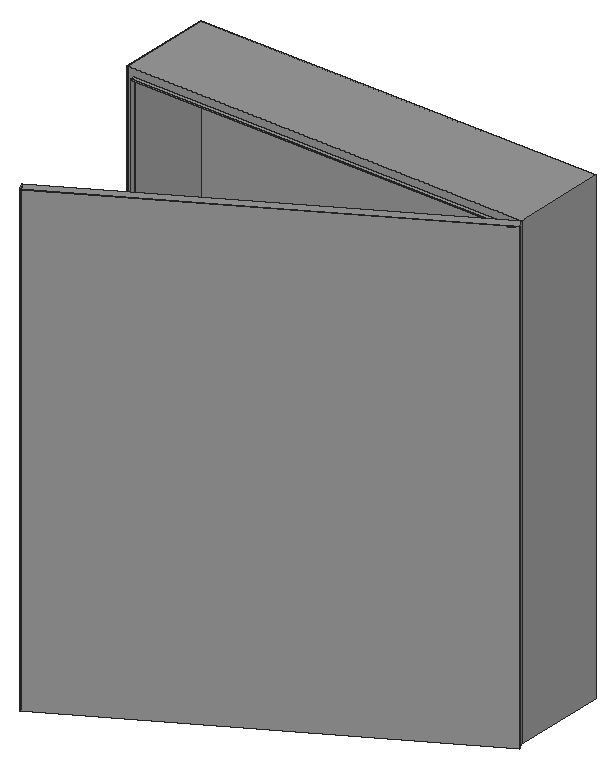
Revit family "Hager-Univers-IP44-D205-H950-Cl.II-Encl-NoHosted-PT-pt", category Electrical Equipment, Revit 2020
Family settings
  Panel Configuration = Two Columns, Circuits Across
  Round Connector Dimension = Use Diameter
  Part Type = Panelboard
  Work Plane-Based = Yes
  Always vertical = Yes
  Cut with Voids When Loaded = No
  Shared = No
  Room Calculation Point = No
Parameters (values of type "Montagem em superfície (gesso) IP44 L800 A950 P205  - FP63SN2")
  Width Control [instance] = if([EF000008 - Largura] > Min Width, [EF000008 - Largura], Min Width)  # 800 mm
  Type Comments = [HG000003 - Gama]  # "Univers"
  Thickness Door [instance] = if([EF009171 - Espessura do material da porta/tampa] > 3 mm, 3 mm, [EF009171 - Espessura do material da porta/tampa])  # 1 mm
  Seal Frame Offset [instance] = 17 mm  # constant formula
  Plinth Visibility [instance] = [HG000027 - Altura da Plinta] > 0 mm  # no
  Min Width [instance] = 100 mm  # constant formula
  Min Depth [instance] = (2 * [EF009170 - Espessura do material do invólucro]) + 1 mm  # 3 mm
  Min Height [instance] = 100 mm  # constant formula
  Internal Frame Depth [instance] = (Door System Depth * 0.5)  # 9 mm
  Panel Name [instance] = ""  # (empty or 0)
  Model = ""
  HG000027 - Altura da Plinta = 0 mm
  HG000026 - Instalação no chão = no
  HG000024 - Altura da secção inferior = 600 mm
  HG000023 - Recinto de secção dupla = no
  HG000016 - Visibilidade da porta 3D [instance] = yes
  HG000015 - Visibilidade através da porta [instance] = no
  HG000014 - Porta à direita [instance] = yes
  HG000013 - Porta à esquerda [instance] = not([HG000014 - Porta à direita])  # no
  HG000012 - Ângulo de abertura de porta [instance] = 30.00°
  HG000010 - Portas assimétricas = no
  HG000009 - Porta dupla = no
  HG000006 - Encastrado = no
  HG000004 - Referência do Fabricante = "FP63SN2"
  HG000003 - Gama = "Univers"
  HG000002 - Com porta ou tampa = yes
  Frame Offset Bottom [instance] = 10 mm  # constant formula
  Frame Offset [instance] = 15 mm  # constant formula
  EF015940 - Tampa com libertação de sobrepressão = no
  EF011959 - Grau de proteção (NEMA) = ""
  EF009554 - Número de aberturas para placas de flange = 6
  EF009212 - Tipo de tampa = "EV000116 - Fechado"
  EF009171 - Espessura do material da porta/tampa = 1 mm
  EF009170 - Espessura do material do invólucro = 1 mm
  EF008873 - Corrente nominal (In) = 250 A
  EF007800 - Adequado para proteção contra raios = no
  EF006306 - Com fecho = no
  EF006244 - Tampa/porta transparente = no
  EF005474 - Grau de proteção (IP) = "EV006418 - IP44"
  EF004464 - Tipo de porta = "EV002646 - Único"
  EF004427 - Número de módulos = 216
  EF004293 - Força de impacto = "EV006815 - IK09"
  EF003532 - Adequado para uso no exterior = no
  EF002950 - Largura em número de módulos = 36
  EF001613 - Integridade do circuito = "EV000494 - Nenhum"
  EF001596 - Material do corpo = "EV000179 - Aço"
  EF001131 - Profundidade interior = 130 mm
  EF001088 - Extensão possível = yes
  EF000437 - Número de entradas de condutores = 6
  EF000339 - Tipo de difusor = "EV004216 - Porta"
  EF000266 - Número de linhas = 6
  EF000218 - Profundidade incorporada = 205 mm
  EF000118 - Com tampa de montagem = no
  EF000116 - Número RAL = "9010"
  EF000049 - Profundidade = 205 mm
  EF000040 - Altura = 950 mm
  EF000008 - Largura = 800 mm
  EF000007 - Cor = "EV000202 - Branco"
  EF000003 - Método de montagem = "EV000384 - Montagem em superfície (gesso)"
  Door System Leaf Tolerance [instance] = 1.5 mm  # constant formula
  Door System Depth [instance] = 18 mm  # constant formula
  Door Height [instance] = Height Control - [HG000027 - Altura da Plinta]  # 950 mm
  Description = ""
  Default Elevation = 1219.2 mm
  Connector Offset [instance] = Height Control / 2  # 475 mm
  Manufacturer = "Hager"  # constant formula
  Height Control [instance] = if([EF000040 - Altura] > Min Height, [EF000040 - Altura], Min Height)  # 950 mm
  Depth Control [instance] = if([EF000049 - Profundidade] > Min Depth, [EF000049 - Profundidade], Min Depth)  # 205 mm
  Bottom Top Plate Trim [instance] = 1.5 mm  # constant formula
  Plinth height Ctrl [instance] = if([HG000027 - Altura da Plinta] > 0 mm, [HG000027 - Altura da Plinta], 12 mm)  # 12 mm
Types (5, lengths in mm): name | Width Control | HG000010 - Portas assimétricas | HG000009 - Porta dupla | HG000004 - Referência do Fabricante | EF009554 - Número de aberturas para placas de flange | EF004464 - Tipo de porta | EF004427 - Número de módulos | EF002950 - Largura em número de módulos | EF001131 - Profundidade interior | EF000437 - Número de entradas de condutores | EF000339 - Tipo de difusor | EF000008 - Largura
  Montagem em superfície (gesso) IP44 L1050 A950 P205  - FP64SN2 | 1050 | no | yes | "FP64SN2" | 8 | "EV003602 - Duplo" | 288 | 48 | 130 | 8 | "EV004216 - Porta" | 1050
  Montagem em superfície (gesso) IP44 L1300 A950 P205  - FP65SN2 | 1300 | yes | yes | "FP65SN2" | 10 | "EV003602 - Duplo" | 360 | 60 | 130 | 10 | "EV004216 - Porta" | 1300
  Montagem em superfície (gesso) IP44 L300 A950 P205  - FP61SN2 | 300 | no | no | "FP61SN2" | 2 | "EV002646 - Único" | 72 | 12 | 143 | 2 | "EV001012 - Tampa" | 300
  Montagem em superfície (gesso) IP44 L550 A950 P205  - FP62SN2 | 550 | no | no | "FP62SN2" | 4 | "EV002646 - Único" | 144 | 24 | 143 | 4 | "EV001012 - Tampa" | 550
  Montagem em superfície (gesso) IP44 L800 A950 P205  - FP63SN2 | 800 | no | no | "FP63SN2" | 6 | "EV002646 - Único" | 216 | 36 | 130 | 6 | "EV004216 - Porta" | 800
Reference planes
  plane 1 "Center (Front/Back)": y = 0
  plane 2: z = 0
  plane 3 "Center (Left/Right)": x = 0
  plane 4: y = 0
  plane 5: y = 0
  plane 6: z = 0
  plane 7: x = -400
  plane 8: x = 400
  plane 9: x = 399
  plane 10: x = -399
  plane 11: z = 0
  plane 12: z = 1
  plane 13: y = -205
  plane 14: y = -1
  plane 15: x = 0
  plane 16: y = -187
  plane 17: y = -204
  plane 18: y = -186
  plane 19: x = -384
  plane 20: x = 384
  plane 21: z = 11
  plane 22: x = -383
  plane 23: x = 383
  plane 24: z = 0
  plane 25: z = 950
  plane 26: z = 950
  plane 27: z = 934
  plane 28: z = 949
Forms (mm)
  Extrusion 1, solid, material "Hager_Steel_RAL7035_Light_Grey", detail levels medium+fine
    sketch origin (-208.679, -4572, 0) x (-1, 0, 0) y (0, -1, 0)
      loop
        line (191.321, -4385) -> (-608.679, -4385) -> (-608.679, -4572) -> (191.321, -4572) -> (191.321, -4385)
    from 0 to 950
  Extrusion 2, void
    sketch origin (-350.771, -205, 1219.2) x (1, 0, 0) y (0, 0, 1)
      loop
        line (-48.229, -270.2) -> (-48.229, -1218.2) -> (749.771, -1218.2) -> (749.771, -270.2) -> (-48.229, -270.2)
    from -19 to -204
  Extrusion 3, void
    sketch origin (-290.084, -187, 1219.2) x (1, 0, 0) y (0, 0, 1)
      loop
        line (-93.916, -1208.2) -> (674.084, -1208.2) -> (674.084, -285.2) -> (-93.916, -285.2) -> (-93.916, -1208.2)
    from 0 to -1
  Extrusion 4, solid, material "Hager_Steel_RAL7035_Light_Grey", visible <- "Plinth Visibility", detail levels medium+fine
    sketch origin (0, 0, 0) x (1, 0, 0) y (0, 1, 0)
      loop
        line (-400, 0) -> (-400, -187) -> (400, -187) -> (400, 0) -> (-400, 0)
    from 0 to 12 <- "Plinth height Ctrl"
  Extrusion 5, solid, material "Hager_Steel_RAL7035_Light_Grey", detail levels coarse
    sketch origin (0, 0, 0) x (1, 0, 0) y (0, 1, 0)
      loop
        line (-400, 0) -> (-400, -205) -> (400, -205) -> (400, 0) -> (-400, 0)
    from 0 to 950 <- "Height Control"
  Sweep 6, void
    path in 3D
      loop
        line (-400, -187, 12) -> (400, -187, 12) -> (400, 0, 12) -> (-400, 0, 12) -> (-400, -187, 12)
    profile origin (-400, -93.5, 12) x (1, 0, 0) y (0, 0, 1)
      loop
        line (0, 0) -> (0, -1.5) -> (1.5, -1.5)
        arc (1.5, -1.5) -> (1.061, -0.439) -> (0, 0) r 1.5
  Extrusion 7, solid, material "Hager_Steel_RAL7035_Light_Grey", detail levels fine
    sketch origin (-400, -187, 0) x (1, 0, 0) y (0, 0, 1)
      loop
        line (16, 11) -> (784, 11) -> (784, 934) -> (16, 934) -> (16, 11)
      loop
        line (15, 10) -> (785, 10) -> (785, 935) -> (15, 935) -> (15, 10)
    from 0 to 9 <- "Internal Frame Depth"
Cuts and joins
  Extrusion 2, Extrusion 3 cuts Extrusion 1
  Sweep 6 cuts Extrusion 4
Lines and regions (mm)
  Masking region 1
    outline origin (0, 0, 0) x (1, 0, 0) y (0, 1, 0)
      loop
        line (-400, 0) -> (-400, -205) -> (400, -205) -> (400, 0) -> (-400, 0)
  Masking region 2, detail levels coarse
    outline origin (-290.084, -187, 1219.2) x (-1, 0, 0) y (0, 0, 1)
      loop
        line (-690.084, -1219.2) -> (109.916, -1219.2) -> (109.916, -269.2) -> (-690.084, -269.2) -> (-690.084, -1219.2)
  Masking region 3, detail levels coarse
    outline origin (0, 0, 0) x (0, 1, 0) y (0, 0, 1)
      loop
        line (0, 0) -> (0, 950) -> (-205, 950) -> (-205, 0) -> (0, 0)
  Masking region 4, visible <- "Plinth Visibility", detail levels medium+fine
    outline origin (0, 0, 0) x (0, 1, 0) y (0, 0, 1)
      loop
        line (-1.5, 12) -> (-185.5, 12)
        arc (-185.5, 12) -> (-185.939, 10.939) -> (-187, 10.5) r 1.5
        line (-187, 10.5) -> (-187, 0) -> (0, 0) -> (0, 10.5)
        arc (0, 10.5) -> (-1.061, 10.939) -> (-1.5, 12) r 1.5
  Masking region 5, detail levels medium+fine
    outline origin (0, 0, 594.038) x (0, 1, 0) y (0, 0, 1)
      loop
        line (0, -594.038) -> (0, 355.962) -> (-187, 355.962) -> (-187, -594.038) -> (0, -594.038)
  Masking region 6, detail levels medium+fine
    outline origin (-359.7, -187, 1211.883) x (-1, 0, 0) y (0, 0, 1)
      loop
        line (-759.7, -1211.883) -> (40.3, -1211.883) -> (40.3, -261.883) -> (-759.7, -261.883) -> (-759.7, -1211.883)
  Masking region 7, visible <- "Plinth Visibility", detail levels medium+fine
    outline origin (-320.334, -187, 1041.368) x (-1, 0, 0) y (0, 0, 1)
      loop
        line (-720.334, -1041.368) -> (79.666, -1041.368) -> (79.666, -1030.868)
        arc (79.666, -1030.868) -> (78.606, -1030.429) -> (78.166, -1029.368) r 1.5
        line (78.166, -1029.368) -> (-718.834, -1029.368)
        arc (-718.834, -1029.368) -> (-719.273, -1030.429) -> (-720.334, -1030.868) r 1.5
        line (-720.334, -1030.868) -> (-720.334, -1041.368)
  sketch lines
    curve 1: line (-400, 0, 12) -> (-400, -187, 12)
    curve 2: line (-400, -187, 12) -> (400, -187, 12)
    curve 3: line (400, 0, 12) -> (-400, 0, 12)
    curve 4: line (400, -187, 12) -> (400, 0, 12)
Dimensions and locks
  locked: plane 1 "Center (Front/Back)" to plane 5
  "EF009170 - Espessura do material do invólucro": plane 7 to plane 10
  "EF009170 - Espessura do material do invólucro": plane 8 to plane 9
  equal spacing: plane 7, plane 3 "Center (Left/Right)", plane 8
  "Width Control": plane 7 to plane 8
  "Depth Control": plane 4 to plane 13
  "EF009170 - Espessura do material do invólucro": plane 4 to plane 14
  "Height Control": plane 25 to level
  "HG000027 - Altura da Plinta": plane 11 to level
  "EF009170 - Espessura do material do invólucro": plane 12 to plane 11
  "EF009170 - Espessura do material do invólucro": plane 17 to plane 13
  "EF009170 - Espessura do material do invólucro": plane 18 to plane 16
  "Frame Offset Bottom": plane 21 to plane 12
  "Frame Offset": plane 10 to plane 19
  "Frame Offset": plane 9 to plane 20
  "Door System Depth": plane 16 to plane 13
  "Seal Frame Offset": plane 7 to plane 22
  "Seal Frame Offset": plane 8 to plane 23
  "EF009170 - Espessura do material do invólucro": plane 26 to plane 28
  "Frame Offset": plane 28 to plane 27
  "Connector Offset": plane 2 to connector elem
  "Bottom Top Plate Trim": profile plane to Sweep 6 sketch curve
  "Bottom Top Plate Trim": Sweep 6 sketch curve to Sweep 6 sketch curve
  "Plinth height Ctrl": Masking region 4 sketch curve to level
  "Plinth height Ctrl": Masking region 7 sketch curve to level
  "Thickness Door": Extrusion 7 sketch curve to Extrusion 7 sketch curve  (x4)
  "Bottom Top Plate Trim": radius of Sweep 6 sketch curve
  "Bottom Top Plate Trim": radius of Masking region 4 sketch curve  (x2)
  "Bottom Top Plate Trim": radius of Masking region 7 sketch curve  (x2)
  aligned and locked: Extrusion 2 sketch curve to plane 12
  aligned and locked: Extrusion 2 sketch curve to plane 9
  aligned and locked: Extrusion 2 sketch curve to plane 10
  aligned and locked: Extrusion 2 to plane 14
  aligned and locked: Extrusion 1 sketch curve to plane 4
  aligned and locked: plane 8 to Extrusion 1 sketch curve
  aligned and locked: plane 7 to Extrusion 1 sketch curve
  aligned and locked: Extrusion 2 to plane 18
  aligned and locked: Extrusion 3 sketch curve to plane 19
  aligned and locked: plane 20 to Extrusion 3 sketch curve
  aligned and locked: Extrusion 3 to Extrusion 2
  aligned and locked: Extrusion 3 sketch curve to plane 21
  aligned and locked: plane 3 "Center (Left/Right)" to nested 1
  aligned and locked: Extrusion 1 sketch curve to plane 16
  aligned and locked: Extrusion 4 sketch curve to cut or joined group of Extrusion 1, Extrusion 2, Extrusion 3
  aligned and locked: Masking region 1 sketch curve to plane 7
  aligned and locked: Masking region 1 sketch curve to plane 5
  aligned and locked: Masking region 1 sketch curve to plane 8
  aligned and locked: Masking region 2 sketch curve to level
  aligned and locked: level to Masking region 3 sketch curve
  aligned and locked: plane 1 "Center (Front/Back)" to Masking region 3 sketch curve
  aligned and locked: plane 13 to Masking region 3 sketch curve
  aligned and locked: plane 5 to Masking region 4 sketch curve
  aligned and locked: Masking region 2 sketch curve to plane 8
  aligned and locked: Masking region 2 sketch curve to plane 7
  aligned and locked: plane 7 to nested 2
  aligned and locked: nested 2 to plane 5
  aligned and locked: plane 5 to Masking region 5 sketch curve
  aligned and locked: plane 26 to Masking region 5 sketch curve
  aligned and locked: Extrusion 5 sketch curve to plane 8
  aligned and locked: Extrusion 5 sketch curve to plane 7
  aligned and locked: Extrusion 5 sketch curve to plane 5
  aligned and locked: Extrusion 3 sketch curve to plane 27
  aligned and locked: Extrusion 2 sketch curve to plane 28
  aligned and locked: Masking region 2 to plane 25
  aligned and locked: Extrusion 4 to plane 16
  aligned and locked: profile plane to Sweep 6 sketch curve
  aligned and locked: Masking region 5 sketch curve to plane 24
  aligned and locked: level to Masking region 4 sketch curve
  aligned and locked: Masking region 1 to plane 13
  aligned and locked: nested 1 to plane 16
  aligned and locked: Masking region 3 to plane 25
  aligned and locked: plane 16 to Masking region 4 sketch curve
  aligned and locked: Masking region 5 sketch curve to plane 16
  aligned and locked: plane 24 to plane 11
  aligned and locked: plane 26 to plane 25
  aligned and locked: plane 26 to cut or joined group of Extrusion 1, Extrusion 2, Extrusion 3
  aligned and locked: nested 1 to plane 24
  aligned and locked: Extrusion 1 to Extrusion 3
  aligned and locked: Masking region 6 sketch curve to plane 8
  aligned and locked: Masking region 6 sketch curve to plane 24
  aligned and locked: Masking region 6 sketch curve to plane 7
  aligned and locked: Masking region 6 sketch curve to plane 26
  aligned and locked: Masking region 7 sketch curve to plane 7
  aligned and locked: level to Masking region 7 sketch curve
  aligned and locked: Masking region 7 sketch curve to plane 8
  aligned and locked: Extrusion 7 sketch curve to cut or joined group of Extrusion 1, Extrusion 2, Extrusion 3  (x4)
Automatic sketch dimensions
  plane 19 to Extrusion 3 sketch curve = 0 mm
  Extrusion 3 sketch curve to plane 20 = 0 mm
  Extrusion 3 sketch curve to plane 21 = 0 mm
  Extrusion 4 sketch curve to plane 7 = 0 mm
  Extrusion 4 sketch curve to plane 8 = 0 mm
  Extrusion 4 sketch curve to plane 16 = 0 mm
  Masking region 1 sketch curve to plane 13 = 0 mm
  Masking region 2 sketch curve to plane 25 = 0 mm
  Masking region 3 sketch curve to plane 25 = 0 mm
  Extrusion 5 sketch curve to plane 13 = 0 mm
  profile plane to Sweep 6 sketch curve = 0 mm
Nested families
  nested 1: "EC000058_Univers_Door" at (0, -187, 0), Double <- "HG000009 - Porta dupla", Transparent <- "EF006244 - Tampa/porta transparente", Angle <- "HG000012 - Ângulo de abertura de porta", Door_Right <- "HG000014 - Porta à direita", Assymetrical <- "HG000010 - Portas assimétricas", Door <- "HG000002 - Com porta ou tampa", Width_Ctrl <- "Width Control", 3d_Door <- "HG000016 - Visibilidade da porta 3D", Clearance <- "HG000015 - Visibilidade através da porta", Door_Left <- "HG000013 - Porta à esquerda", Width <- "Width Control", Door_Depth <- "Door System Depth", Leaf_Tolerance <- "Door System Leaf Tolerance", Height <- "Door Height", Lock_Visibility <- "EF006306 - Com fecho", Thickness <- "Thickness Door", type "EC000058_Univers_Door", detail levels medium+fine
    with min_wh 3 mm, Width_Ctrl 800 mm, Width 800 mm, Transparent no, Thickness 1 mm, Seal_Material Hager_Rubber, Lock_Visibility no, Lock_Material Hager_Plastic_RAL9005_Jet_Black, Leaf_Width 800 mm, Leaf_Tolerance_External_Sides 0 mm, Leaf_Tolerance 1.5 mm, Leaf_Offset 0 mm, Leaf_Height 947 mm, Leaf_2_Width 800 mm, Leaf_2_Offset 400 mm, Leaf_1_Width 800 mm, Leaf_1_Offset 400 mm, Height_Ctrl 950 mm, Height 950 mm, Glass_Material Hager_Glass, Double_Clearance_Ctrl no, Double no, Door_Right_Ctrl yes, Door_Right yes, Door_Material Hager_Steel_RAL7035_Light_Grey, Door_Left_Ctrl no, Door_Left no, Door_Depth 18 mm, Door yes, Clearance_Material Hager_Clearance, Clearance_Depth 800 mm, Clearance_Ctrl no, Clearance no, Assymetrical no, Angle 30.00°, 3d_Door yes
  nested 2: "Hager_Enclosure_Symbol" at (-400, 0, 0), Height <- "Depth Control", Width <- "Width Control", type "Hager_Enclosure_Symbol"
    with Width_Ctrl 800 mm, Width 800 mm, Height_Ctrl 205 mm, Height 205 mm, A_Width_Int 13.453 mm, A_Width 161.438 mm, A_Height_Ctrl 179.375 mm, A_Height 179.375 mm
Connectors
  electrical at (0, 0, 475)
    settings: on plane 1 "Center (Front/Back)", index 1, voltage 0 V, apparent load 0 VA, apparent load phase1 0 VA, apparent load phase2 0 VA, apparent load phase3 0 VA, power factor 1, load classification "Other", number of poles 1, system type 30, power factor state 1, is connector primary yes, connector utility no, sub classification motor no, connector description ""
Definition of nested family "EC000058_Univers_Door"
  Parameters (values of type "EC000058_Univers_Door")
    min_wh [instance] = (2 * Thickness) + 1 mm  # 11 mm
    Width_Ctrl [instance] = 400 mm
    Width [instance] = 500 mm
    Transparent [instance] = yes
    Thickness [instance] = 5 mm
    Seal_Material [instance] = none
    Lock_Visibility [instance] = yes
    Lock_Material [instance] = none
    Leaf_Width [instance] = if((Width_Ctrl - 2 * Leaf_Tolerance_External_Sides) > 0 mm, (Width_Ctrl - 2 * Leaf_Tolerance_External_Sides), min_wh)  # 400 mm
    Leaf_Tolerance_External_Sides [instance] = 0 mm  # constant formula
    Leaf_Tolerance [instance] = 1.5 mm
    Leaf_Offset [instance] = 0 mm  # constant formula
    Leaf_Height [instance] = if((Height_Ctrl - 2 * Leaf_Tolerance) > 0 mm, (Height_Ctrl - 2 * Leaf_Tolerance), min_wh)  # 497 mm
    Leaf_2_Width [instance] = if(and(and(Double, Assymetrical), Door_Left), (Leaf_Width / 3) - (Leaf_Tolerance / 2), if(and(and(Double, Assymetrical), Door_Right), (Leaf_Width / 3) * 2 - (Leaf_Tolerance / 2), if(and(Double, not(Assymetrical)), (Leaf_Width / 2) - Leaf_Tolerance, Leaf_Width)))  # 400 mm
    Leaf_2_Offset [instance] = if(and(Double, Assymetrical), Leaf_2_Width / 2, if(and(Double, not(Assymetrical)), Leaf_Width / 4, Leaf_Width / 2))  # 200 mm
    Leaf_1_Width [instance] = if(and(and(Double, Assymetrical), Door_Right), (Leaf_Width / 3) - (Leaf_Tolerance / 2), if(and(and(Double, Assymetrical), Door_Left), (Width / 3) * 2 - (Leaf_Tolerance / 2), if(and(Double, not(Assymetrical)), (Leaf_Width / 2) - Leaf_Tolerance, Leaf_Width)))  # 400 mm
    Leaf_1_Offset [instance] = if(and(Double, Assymetrical), Leaf_1_Width / 2, if(and(Double, not(Assymetrical)), Leaf_Width / 4, Leaf_Width / 2))  # 200 mm
    Height_Ctrl [instance] = if(Height > min_wh, Height, min_wh)  # 500 mm
    Height [instance] = 500 mm
    Glass_Material [instance] = none
    Double_Clearance_Ctrl [instance] = and(Double, Clearance)  # no
    Double [instance] = no
    Door_Right_Ctrl [instance] = and(or(Door_Right, Double), Door)  # yes
    Door_Right [instance] = yes
    Door_Material [instance] = none
    Door_Left_Ctrl [instance] = and(or(Door_Left, Double), Door)  # no
    Door_Left [instance] = no
    Door_Depth [instance] = 30 mm
    Door [instance] = yes
    Default Elevation = 1219.2 mm
    Clearance_Material [instance] = none
    Clearance_Depth [instance] = if(Leaf_1_Width > Leaf_2_Width, Leaf_1_Width, Leaf_2_Width)  # 400 mm
    Clearance_Ctrl [instance] = and(not(Double), Clearance)  # yes
    Clearance [instance] = yes
    Assymetrical [instance] = yes
    Angle [instance] = 30.00°
    3d_Door [instance] = yes
  Reference planes
    plane 1 "Center (Front/Back)": y = 0
    plane 2 "Bottom": z = 0
    plane 3 "Center (Left/Right)": x = 0
    plane 4: z = 500
    plane 5: x = -200
    plane 6: x = 200
    plane 7: z = 500
    plane 8: x = -200
    plane 9: z = 0
    plane 10: x = 200
    plane 11: y = 0
    plane 12: z = 1.5
    plane 13: x = -600
    plane 14: y = -400
    plane 15: x = 600
    plane 16: x = 0
    plane 17: x = 0
    plane 18: x = -200
    plane 19: x = 200
    plane 20: z = 498.5
  Forms (mm)
    Extrusion 1, solid, material <- "Clearance_Material", visible <- "Double_Clearance_Ctrl"
      sketch origin (1200, 0, 0) x (1, 0, 0) y (0, 0, -1)
        loop
          line (-1800, -498.5) -> (-600, -498.5) -> (-600, 0) -> (-1800, 0) -> (-1800, -498.5)
      from 0 to -400
  Dimensions and locks
    equal spacing: plane 5, plane 3 "Center (Left/Right)", plane 6
    "Width_Ctrl": plane 5 to plane 6
    "Leaf_Offset": plane 5 to plane 8
    "Leaf_Offset": plane 6 to plane 10
    "Leaf_Offset": plane 9 to level
    "Leaf_Offset": plane 4 to plane 7
    "Height_Ctrl": plane 4 to level
    "Leaf_Tolerance": plane 12 to plane 9
    locked: plane 11 to plane 1 "Center (Front/Back)"
    "Leaf_1_Offset": plane 18 to plane 16
    "Leaf_2_Offset": plane 17 to plane 19
    "Leaf_1_Width": plane 13 to plane 8
    "Leaf_2_Width": plane 10 to plane 15
    "Clearance_Depth": plane 14 to plane 1 "Center (Front/Back)"
    "Leaf_Tolerance_External_Sides": plane 8 to plane 18
    "Leaf_Tolerance_External_Sides": plane 19 to plane 10
    "Leaf_Tolerance": plane 7 to plane 20
    aligned and locked: level to plane 2 "Bottom"
    aligned and locked: nested 1 to plane 16
    aligned and locked: nested 2 to plane 17
    aligned and locked: Extrusion 1 to plane 13
    aligned and locked: plane 15 to Extrusion 1
    aligned and locked: Extrusion 1 to plane 14
    aligned and locked: plane 12 to nested 1
    aligned and locked: nested 2 to plane 12
    aligned and locked: Extrusion 1 to plane 11
    aligned and locked: plane 20 to Extrusion 1
    aligned and locked: nested 2 to plane 11
    aligned and locked: nested 1 to plane 11
  Automatic sketch dimensions
    Extrusion 1 sketch curve to level = 0 mm
    plane 5 to Extrusion 1 sketch curve = 400 mm
    plane 6 to Extrusion 1 sketch curve = 400 mm
    Extrusion 1 sketch curve to plane 4 = 1.5 mm
  Nested families
    nested 1: "EC000058_Univers_Door_Leaf" at (0, 0, 1.5), Width <- "Leaf_1_Width", visible <- "Door_Left_Ctrl", Leaf_Height <- "Leaf_Height", Angle <- "Angle", 3d_Door <- "3d_Door", Transparent <- "Transparent", Clearance Material <- "Clearance_Material", Clearance <- "Clearance_Ctrl", Door_Material <- "Door_Material", Glass_Material <- "Glass_Material", Door_Depth <- "Door_Depth", Lock_Material <- "Lock_Material", Seal_Material <- "Seal_Material", Lock_Visibility <- "Lock_Visibility", Thickness <- "Thickness", type "EC000058_Univers_Door_Leaf"
      with Width 400 mm, Transparent_Glass_Offset 30 mm, Transparent_Ctrl yes, Transparent yes, Thickness 5 mm, Standard no, Seal_Material none, Seal_D2 8 mm, Seal_D1 1 mm, Offset_Internal_Frame 10 mm, Lock_Width 20 mm, Lock_Visibility_3d yes, Lock_Visibility yes, Lock_Thickness_3 3 mm, Lock_Thickness_2 1 mm, Lock_Thickness_1 3 mm, Lock_Radius_Offset_2 16 mm, Lock_Radius_Offset_1 15 mm, Lock_Radius_2 5 mm, Lock_Radius 6 mm, Lock_Offset 5 mm, Lock_Material none, Lock_Height 80 mm, Lock_Cover_Top_Offset_2d 17 mm, Lock_Cover_Height -65 mm, Leaf_Height 497 mm, Internal_Seal_Thickness 8 mm, Internal_Seal_Depth_2 4.5 mm, Internal_Frame_Depth 25 mm, Glass_Thickness -1 mm, Glass_Offset -2 mm, Glass_Material none, Door_Material none, Door_Depth 30 mm, Clearance Material none, Clearance yes, Angle_Ctrl 30.00°, Angle 30.00°, 3d_Door yes
    nested 2: "EC000058_Univers_Door_Leaf" at (0, 0, 1.5) x (-1, 0, 0) z (0, 0, 1), Width <- "Leaf_2_Width", visible <- "Door_Right_Ctrl", Leaf_Height <- "Leaf_Height", Angle <- "Angle", 3d_Door <- "3d_Door", Transparent <- "Transparent", Clearance Material <- "Clearance_Material", Clearance <- "Clearance_Ctrl", Door_Material <- "Door_Material", Glass_Material <- "Glass_Material", Door_Depth <- "Door_Depth", Lock_Material <- "Lock_Material", Seal_Material <- "Seal_Material", Lock_Visibility <- "Lock_Visibility", Thickness <- "Thickness", type "EC000058_Univers_Door_Leaf"
      with Width 400 mm, Transparent_Glass_Offset 30 mm, Transparent_Ctrl yes, Transparent yes, Thickness 5 mm, Standard no, Seal_Material none, Seal_D2 8 mm, Seal_D1 1 mm, Offset_Internal_Frame 10 mm, Lock_Width 20 mm, Lock_Visibility_3d yes, Lock_Visibility yes, Lock_Thickness_3 3 mm, Lock_Thickness_2 1 mm, Lock_Thickness_1 3 mm, Lock_Radius_Offset_2 16 mm, Lock_Radius_Offset_1 15 mm, Lock_Radius_2 5 mm, Lock_Radius 6 mm, Lock_Offset 5 mm, Lock_Material none, Lock_Height 80 mm, Lock_Cover_Top_Offset_2d 17 mm, Lock_Cover_Height -65 mm, Leaf_Height 497 mm, Internal_Seal_Thickness 8 mm, Internal_Seal_Depth_2 4.5 mm, Internal_Frame_Depth 25 mm, Glass_Thickness -1 mm, Glass_Offset -2 mm, Glass_Material none, Door_Material none, Door_Depth 30 mm, Clearance Material none, Clearance yes, Angle_Ctrl 30.00°, Angle 30.00°, 3d_Door yes
  Definition of nested family "EC000058_Univers_Door_Leaf"
    Parameters (values of type "EC000058_Univers_Door_Leaf")
      Width [instance] = 2000 mm
      Transparent_Glass_Offset [instance] = 30 mm
      Transparent_Ctrl [instance] = and(Transparent, [3d_Door])  # yes
      Transparent [instance] = yes
      Thickness [instance] = 5 mm
      Standard [instance] = and(not(Transparent), [3d_Door])  # no
      Seal_Material [instance] = none
      Seal_D2 [instance] = 8 mm  # constant formula
      Seal_D1 [instance] = 1 mm  # constant formula
      Offset_Internal_Frame [instance] = 10 mm  # constant formula
      Lock_Width [instance] = 20 mm  # constant formula
      Lock_Visibility_3d [instance] = and(Lock_Visibility, [3d_Door])  # yes
      Lock_Visibility [instance] = yes
      Lock_Thickness_3 [instance] = 3 mm  # constant formula
      Lock_Thickness_2 [instance] = 1 mm  # constant formula
      Lock_Thickness_1 [instance] = 3 mm  # constant formula
      Lock_Radius_Offset_2 [instance] = Lock_Radius_Offset_1 + 1 mm  # 16 mm
      Lock_Radius_Offset_1 [instance] = 15 mm  # constant formula
      Lock_Radius_2 [instance] = Lock_Radius - 1 mm  # 5 mm
      Lock_Radius [instance] = 6 mm  # constant formula
      Lock_Offset [instance] = 5 mm  # constant formula
      Lock_Material [instance] = none
      Lock_Height [instance] = 80 mm  # constant formula
      Lock_Cover_Top_Offset_2d [instance] = Lock_Radius_Offset_2 + 1 mm  # 17 mm
      Lock_Cover_Height [instance] = -(Lock_Height - Lock_Radius_Offset_1)  # -65 mm
      Leaf_Height [instance] = 2720.336 mm
      Internal_Seal_Thickness [instance] = 8 mm  # constant formula
      Internal_Seal_Depth_2 [instance] = 4.5 mm  # constant formula
      Internal_Frame_Depth [instance] = if(Door_Depth - Thickness > 5 mm, Door_Depth - Thickness, 5 mm)  # 25 mm
      Glass_Thickness [instance] = if(Thickness > 15 mm, Glass_Offset + 10 mm, -1 mm)  # -1 mm
      Glass_Offset [instance] = if(Thickness > 15 mm, -(Thickness + 10 mm) / 2, -2 mm)  # -2 mm
      Glass_Material [instance] = none
      Door_Material [instance] = none
      Door_Depth [instance] = 30 mm
      Default Elevation = 0 mm
      Clearance Material [instance] = none
      Clearance [instance] = yes
      Angle_Ctrl [instance] = if(Angle > 180.00°, 180.00°, Angle)  # 90.00°
      Angle [instance] = 90.00°
      3d_Door [instance] = yes
    Reference planes
      plane 1 "Center (Front/Back)": y = 0
      plane 2: z = 0
      plane 3 "Center (Left/Right)": x = 0
      plane 4: y = 2000
      plane 5: x = -1000
      plane 6: x = 1000
      plane 7: x = -3000
      plane 8: z = 2720.336
      plane 9: z = 30
      plane 10: z = 2690.336
      plane 11: x = 970
      plane 12: x = -970
      plane 13: y = -3
      plane 14: z = 107.833
      plane 15: y = -5
      plane 16: y = -223.314
      plane 17: x = -1000
      plane 18: z = 1360.168
      plane 19: y = 30
    Forms (mm)
      Extrusion 1, solid, material <- "Clearance Material", visible <- "Clearance"
        sketch origin (0, 0, 0) x (1, 0, 0) y (0, 0, 1)
          loop
            line (-3000, 2720.336) -> (-3000, 0) -> (1000, 0) -> (1000, 2720.336) -> (-3000, 2720.336)
        from 0 to -2000
      Extrusion 2, solid, material <- "Door_Material", visible <- "Standard", detail levels medium+fine
        sketch origin (-1000, 0, 0) x (0, 1, 0) y (-1, 0, 0)
          loop
            line (0, 30) -> (0, 25) -> (2000, 25) -> (2000, 30) -> (0, 30)
        from 0 to 2720.336 <- "Leaf_Height"
      Extrusion 3, solid, material <- "Door_Material", visible <- "Transparent_Ctrl", detail levels medium+fine
        sketch origin (-1000, 0, 0) x (0, 1, 0) y (-1, 0, 0)
          loop
            line (0, 25) -> (2000, 25) -> (2000, 30) -> (0, 30) -> (0, 25)
        from 0 to 2720.336 <- "Leaf_Height"
      Extrusion 4, void
        sketch origin (-1025, 2000, 0) x (0, 1, 0) y (0, 0, -1)
          loop
            line (-30, -2690.336) -> (-30, -30) -> (-1970, -30) -> (-1970, -2690.336) -> (-30, -2690.336)
        from 0 to 5 <- "Thickness"
      Sweep 5, solid, material <- "Seal_Material", visible <- "Transparent_Ctrl", detail levels fine
        path in 3D
          loop
            line (-1025, 30, 30) -> (-1025, 30, 2690.336) -> (-1025, 1970, 2690.336) -> (-1025, 1970, 30) -> (-1025, 30, 30)
        profile origin (-1025, 1000, 30) x (1, 0, 0) y (0, 0, 1)
          loop
            line (0, 0) -> (0, -8) -> (1, -8) -> (1, 0) -> (0, 0)
      Extrusion 6, solid, material <- "Glass_Material", visible <- "Transparent_Ctrl", detail levels medium+fine
        sketch origin (-1030, 0, 0) x (0, 1, 0) y (0, 0, -1)
          loop
            line (1970, -2690.336) -> (1970, -30) -> (30, -30) -> (30, -2690.336) -> (1970, -2690.336)
        from -2 <- "Glass_Offset" to -1 <- "Glass_Thickness"
      Extrusion 7, solid, material <- "Door_Material", visible <- "3d_Door", detail levels medium+fine
        sketch origin (-1025, 2000, 0) x (0, -1, 0) y (0, 0, -1)
          loop
            line (0, -2720.336) -> (2000, -2720.336) -> (2000, 0) -> (0, 0) -> (0, -2720.336)
          loop
            line (1995, -5) -> (5, -5) -> (5, -2715.336) -> (1995, -2715.336) -> (1995, -5)
        from 0 to 25 <- "Internal_Frame_Depth"
      Sweep 8, solid, material <- "Seal_Material", visible <- "Transparent_Ctrl", detail levels fine
        path in 3D
          loop
            line (-1025, 0, 0) -> (-1025, 2000, 0) -> (-1025, 2000, 2720.336) -> (-1025, 0, 2720.336) -> (-1025, 0, 0)
        profile origin (-1025, 0, 1360.168) x (1, 0, 0) y (0, 1, 0)
          loop
            line (0, 10) -> (2.975, 10)
            arc (2.975, 10) -> (4.053, 10.447) -> (4.5, 11.525) r 1.525
            line (4.5, 11.525) -> (4.5, 16.527)
            arc (4.5, 16.527) -> (4.069, 17.569) -> (3.027, 18) r 1.473
            line (3.027, 18) -> (0, 18) -> (0, 10)
      Extrusion 9, solid, material <- "Lock_Material", visible <- "Lock_Visibility_3d", detail levels fine
        sketch origin (-1030, 0, 0) x (0, 1, 0) y (0, 0, -1)
          loop
            arc (1993.5, -1400.168) -> (1994.561, -1399.729) -> (1995, -1398.668) r 1.5
            line (1995, -1398.668) -> (1995, -1320.168) -> (1975, -1320.168) -> (1975, -1398.668)
            arc (1975, -1398.668) -> (1975.439, -1399.729) -> (1976.5, -1400.168) r 1.5
            line (1976.5, -1400.168) -> (1993.5, -1400.168)
        from 3 <- "Lock_Thickness_1" to 0
      Blend 10, solid, material <- "Lock_Material", visible <- "Lock_Visibility_3d", detail levels fine
        base sketch origin (-1033, 0, 0) x (0, 1, 0) y (0, 0, -1)
          loop
            line (1975, -1320.168) -> (1975, -1398.668)
            arc (1975, -1398.668) -> (1975.439, -1399.729) -> (1976.5, -1400.168) r 1.5
            line (1976.5, -1400.168) -> (1993.5, -1400.168)
            arc (1993.5, -1400.168) -> (1994.561, -1399.729) -> (1995, -1398.668) r 1.5
            line (1995, -1398.668) -> (1995, -1320.168) -> (1975, -1320.168)
        top sketch origin (-1033, 0, 0) x (0, 1, 0) y (0, 0, -1)
          loop
            line (1976, -1320.168) -> (1976, -1398.668)
            arc (1976, -1398.668) -> (1976.146, -1399.022) -> (1976.5, -1399.168) r 0.5
            line (1976.5, -1399.168) -> (1993.5, -1399.168)
            arc (1993.5, -1399.168) -> (1993.854, -1399.022) -> (1994, -1398.668) r 0.5
            line (1994, -1398.668) -> (1994, -1320.168) -> (1976, -1320.168)
        from 0 to 1 <- "Lock_Thickness_2"
      Blend 11, solid, material <- "Lock_Material", visible <- "Lock_Visibility_3d", detail levels fine
        base sketch origin (-1034, 0, 0) x (0, 1, 0) y (0, 0, -1)
          loop
            line (1978, -1320.168) -> (1978, -1384.168)
            arc (1978, -1384.168) -> (1985, -1391.168) -> (1992, -1384.168) r 7
            line (1992, -1384.168) -> (1992, -1320.168) -> (1978, -1320.168)
        top sketch origin (-1034, 0, 0) x (0, 1, 0) y (0, 0, -1)
          loop
            line (1991, -1320.168) -> (1979, -1320.168) -> (1979, -1383.168)
            arc (1979, -1383.168) -> (1985, -1389.168) -> (1991, -1383.168) r 6
            line (1991, -1383.168) -> (1991, -1320.168)
        from 0 to 3 <- "Lock_Thickness_3"
      Extrusion 12, solid, material <- "Lock_Material", visible <- "Lock_Visibility_3d", detail levels fine
        sketch origin (-1030, 1975, 1320.168) x (1, 0, 0) y (0, -1, 0)
          loop
            line (-7, -19) -> (-7, -1) -> (0, -1) -> (0, 0) -> (-8, 0) -> (-8, -20) -> (0, -20) -> (0, -19) -> (-7, -19)
        from 0 to -65 <- "Lock_Cover_Height"
      Extrusion 13, void
        sketch origin (-1038, 1995, 1320.168) x (-1, 0, 0) y (0, 0, -1)
          loop
            line (-5, -65) -> (0, -65) -> (-5, -60) -> (-5, -65)
        from 0 to 20 <- "Lock_Width"
      Extrusion 14, void
        sketch origin (-1038, 1975, 1320.168) x (0, -1, 0) y (0, 0, -1)
          loop
            circle (-10, -15.995) r 6
          loop
            circle (-10, -15.995) r 5
        from 0 to 2
      Extrusion 15, solid, material <- "Lock_Material", visible <- "Lock_Visibility_3d", detail levels medium
        sketch origin (-1030, 0, 0) x (0, 1, 0) y (0, 0, -1)
          loop
            arc (1993.5, -1400.168) -> (1994.561, -1399.729) -> (1995, -1398.668) r 1.5
            line (1995, -1398.668) -> (1995, -1320.168) -> (1975, -1320.168) -> (1975, -1398.668)
            arc (1975, -1398.668) -> (1975.439, -1399.729) -> (1976.5, -1400.168) r 1.5
            line (1976.5, -1400.168) -> (1993.5, -1400.168)
        from 8 to 0
    Cuts and joins
      Extrusion 4 cuts Extrusion 3
      Extrusion 13, Extrusion 14 cuts Extrusion 9
      Extrusion 14 cuts Blend 11
      Extrusion 13, Extrusion 14 cuts Extrusion 12
      joined: Extrusion 9, Blend 10, Blend 11, Extrusion 12
      Extrusion 14 cuts Extrusion 15
    Lines and regions (mm)
      Masking region 1, visible <- "Lock_Visibility", detail levels fine
        outline origin (0, 0, 0) x (0, 1, 0) y (0, 0, 1)
          loop
            line (30, 1320.168) -> (33, 1320.168) -> (33, 1400.168) -> (30, 1400.168) -> (30, 1320.168)
      Masking region 2, visible <- "Lock_Visibility", detail levels fine
        outline origin (0, 3.143, 0) x (0, 1, 0) y (0, 0, 1)
          loop
            line (29.857, 1354.168) -> (30.857, 1354.168) -> (30.857, 1366.168) -> (29.857, 1366.168) -> (29.857, 1354.168)
      Masking region 3, detail levels medium+fine
        outline origin (0, 0, 0) x (0, 1, 0) y (0, 0, 1)
          loop
            line (0, 0) -> (30, 0) -> (30, 2720.336) -> (0, 2720.336) -> (0, 0)
      Masking region 4, detail levels medium+fine
        outline origin (0, 0, 0) x (1, 0, 0) y (0, 0, 1)
          loop
            line (-1000, 2720.336) -> (-1000, 0) -> (1000, 0) -> (1000, 2720.336) -> (-1000, 2720.336)
      Masking region 5, visible <- "Lock_Visibility", detail levels fine
        outline origin (-47.116, 0, 0) x (1, 0, 0) y (0, 0, 1)
          loop
            arc (1024.616, 1399.168) -> (1023.556, 1398.729) -> (1023.116, 1397.668) r 1.5
            line (1023.116, 1397.668) -> (1023.116, 1320.168) -> (1041.116, 1320.168) -> (1041.116, 1397.668)
            arc (1041.116, 1397.668) -> (1040.677, 1398.729) -> (1039.616, 1399.168) r 1.5
            line (1039.616, 1399.168) -> (1024.616, 1399.168)
      Masking region 6, visible <- "Lock_Visibility", detail levels medium+fine
        outline origin (-25, 0, 0) x (1, 0, 0) y (0, 0, 1)
          loop
            arc (1001.5, 1400.168) -> (1000.439, 1399.729) -> (1000, 1398.668) r 1.5
            line (1000, 1398.668) -> (1000, 1320.168) -> (1020, 1320.168) -> (1020, 1398.668)
            arc (1020, 1398.668) -> (1019.561, 1399.729) -> (1018.5, 1400.168) r 1.5
            line (1018.5, 1400.168) -> (1001.5, 1400.168)
      Masking region 7, visible <- "Lock_Visibility", detail levels fine
        outline origin (-73.735, 0, 0) x (1, 0, 0) y (0, 0, 1)
          loop
            line (1051.735, 1382.168) -> (1065.735, 1382.168) -> (1065.735, 1384.168)
            arc (1065.735, 1384.168) -> (1058.735, 1391.168) -> (1051.735, 1384.168) r 7
            line (1051.735, 1384.168) -> (1051.735, 1382.168)
      Masking region 8, visible <- "Lock_Visibility", detail levels fine
        outline origin (-73.735, 0, 0) x (1, 0, 0) y (0, 0, 1)
          loop
            line (1052.735, 1382.168) -> (1064.735, 1382.168) -> (1064.735, 1383.168)
            arc (1064.735, 1383.168) -> (1058.735, 1389.168) -> (1052.735, 1383.168) r 6
            line (1052.735, 1383.168) -> (1052.735, 1382.168)
      Masking region 9, visible <- "Lock_Visibility", detail levels fine
        outline origin (-25, 0, 0) x (1, 0, 0) y (0, 0, 1)
          loop
            line (1020, 1320.168) -> (1020, 1382.168) -> (1000, 1382.168) -> (1000, 1320.168) -> (1020, 1320.168)
      Masking region 10, detail levels medium+fine
        outline origin (0, 0, 0) x (1, 0, 0) y (0, 0, 1)
          loop
            circle (985, 1335.144) r 6
      Masking region 11, detail levels fine
        outline origin (0, 0, 0) x (1, 0, 0) y (0, 0, 1)
          loop
            circle (985, 1335.144) r 5
      Masking region 12, visible <- "Lock_Visibility", detail levels fine
        outline origin (0, 12.767, 0) x (0, 1, 0) y (0, 0, 1)
          loop
            line (20.233, 1320.168) -> (21.233, 1320.168) -> (21.233, 1399.168) -> (20.233, 1400.168) -> (20.233, 1320.168)
      Masking region 13, visible <- "Lock_Visibility", detail levels fine
        outline origin (0, 13.767, -10) x (0, 1, 0) y (0, 0, 1)
          loop
            line (20.233, 1330.168) -> (23.233, 1330.168) -> (23.233, 1399.168) -> (20.233, 1402.168) -> (20.233, 1330.168)
      Masking region 14, visible <- "Lock_Visibility", detail levels fine
        outline origin (0, 12.767, -10) x (0, 1, 0) y (0, 0, 1)
          loop
            line (20.233, 1330.168) -> (25.233, 1330.168) -> (25.233, 1399.305) -> (20.233, 1394.305) -> (20.233, 1330.168)
      Masking region 15, visible <- "Lock_Visibility", detail levels medium
        outline origin (0, 0, 0) x (0, 1, 0) y (0, 0, 1)
          loop
            line (30, 1320.168) -> (38, 1320.168) -> (38, 1400.168) -> (30, 1400.168) -> (30, 1320.168)
      Masking region 16, visible <- "Lock_Visibility", detail levels fine
        outline origin (-1000, 0, 0) x (0, 1, 0) y (-1, 0, 0)
          loop
            line (1975, 30) -> (1995, 30) -> (1995, 38) -> (1975, 38) -> (1975, 30)
          loop
            line (1979, 37) -> (1976, 37) -> (1976, 34) -> (1978, 34) -> (1979, 37)
          loop
            line (1994, 37) -> (1991, 37) -> (1992, 34) -> (1994, 34) -> (1994, 37)
      Masking region 17, visible <- "Lock_Visibility", detail levels medium
        outline origin (-1000, 0, 0) x (0, 1, 0) y (-1, 0, 0)
          loop
            line (1975, 30) -> (1995, 30) -> (1995, 38) -> (1975, 38) -> (1975, 30)
      symbolic lines
        curve 1: line (1000, 0, 0) -> (-3000, 0, 0)
        curve 2: arc (1000, 0, 0) -> (-1000, 2000, 0) -> (-3000, 0, 0) r 2000
        curve 4: line (-1030, 0, 0) -> (-1030, 2000, 0)
      reference lines
        curve 3: line (-1000, 0, 0) -> (-1000, 2000, 0)
      symbolic lines, detail levels medium+fine
        curve 5: line (-1030, 2000, 0) -> (-1025, 2000, 0)
        curve 7: line (-1025, 0, 0) -> (-1030, 0, 0)
        curve 8: line (-1025, 0, 0) -> (-1000, 0, 0)
        curve 9: line (-1000, 0, 0) -> (-1000, 2000, 0)
        curve 10: line (-1000, 2000, 0) -> (-1025, 2000, 0)
      symbolic lines, detail levels fine
        curve 6: line (-1025, 2000, 0) -> (-1025, 0, 0)
      sketch lines
        curve 11: line (-1025, 0, 2720.336) -> (-1025, 0, 0)
        curve 12: line (-1025, 2000, 0) -> (-1025, 0, 0)
        curve 13: line (-1025, 2000, 2720.336) -> (-1025, 2000, 0)
        curve 14: line (-1025, 0, 2720.336) -> (-1025, 2000, 2720.336)
        curve 15: line (-1025, 1970, 30) -> (-1025, 30, 30)
        curve 16: line (-1025, 30, 30) -> (-1025, 30, 2690.336)
        curve 17: line (-1025, 1970, 2690.336) -> (-1025, 1970, 30)
        curve 18: line (-1025, 30, 2690.336) -> (-1025, 1970, 2690.336)
      symbolic lines, visible <- "Transparent", detail levels medium+fine
        curve 19: line (-970, 0, 2690.336) -> (970, 0, 2690.336)
        curve 20: line (-970, 0, 30) -> (-970, 0, 2690.336)
        curve 21: line (970, 0, 30) -> (-970, 0, 30)
        curve 22: line (970, 0, 2690.336) -> (970, 0, 30)
    Dimensions and locks
      "Width": plane 1 "Center (Front/Back)" to plane 4
      equal spacing: plane 5, plane 3 "Center (Left/Right)", plane 6
      "Width": plane 5 to plane 6
      "Width": plane 7 to plane 5
      "Leaf_Height": plane 8 to level
      "Width": curve 5 to curve 3
      "Width": curve 3 to curve 3
      plane 8 to plane 10 = 30 mm
      plane 9 to level = 30 mm
      plane 12 to plane 5 = 30 mm
      plane 6 to plane 11 = 30 mm
      Extrusion 1 to Extrusion 4 sketch curve = 30 mm
      "Transparent_Glass_Offset": curve 3 to Extrusion 4 sketch curve
      "Transparent_Glass_Offset": Extrusion 4 sketch curve to cut or joined group of Extrusion 3, Extrusion 4  (x2)
      cut or joined group of Extrusion 3, Extrusion 4 to Extrusion 6 sketch curve = 30 mm
      "Transparent_Glass_Offset": cut or joined group of Extrusion 3, Extrusion 4 to Extrusion 4 sketch curve
      "Thickness": curve 6 to curve 4
      "Thickness": Extrusion 7 sketch curve to Extrusion 7 sketch curve  (x4)
      "Door_Depth": curve 4 to curve 3
      "Offset_Internal_Frame": profile plane to Sweep 8 sketch curve
      "Internal_Seal_Thickness": Sweep 8 sketch curve to Sweep 8 sketch curve
      "Internal_Seal_Depth_2": profile plane to Sweep 8 sketch curve
      "Seal_D1": profile plane to Sweep 5 sketch curve
      "Seal_D2": profile plane to Sweep 5 sketch curve
      "Thickness": Extrusion 2 sketch curve to Extrusion 2 sketch curve
      equal spacing: Extrusion 9 sketch curve, plane 18, Extrusion 9 sketch curve  (x2)
      equal spacing: Masking region 1 sketch curve, plane 18, Masking region 1 sketch curve
      "Lock_Height": Masking region 1 sketch curve to Masking region 1 sketch curve
      "Lock_Radius": Masking region 2 sketch curve to plane 18 to Masking region 2 sketch curve
      Masking region 2 sketch curve to Masking region 1 = 1 mm
      "Door_Depth": plane 19 to plane 1 "Center (Front/Back)"
      "Lock_Thickness_1": Masking region 1 sketch curve to plane 19
      "Lock_Width": Extrusion 9 sketch curve to Extrusion 9 sketch curve
      "Lock_Height": Extrusion 9 sketch curve to Extrusion 9 sketch curve
      "Lock_Offset": cut or joined group of Extrusion 3, Extrusion 4 to Extrusion 9 sketch curve
      equal spacing: plane 8, plane 18, level
      "Lock_Radius_Offset_1": Blend 11 sketch curve to Blend 10
      locked: Blend 10 to Blend 11 sketch curve at 2  (x2)
      locked: var sketch to Blend 11 sketch curve at 1  (x2)
      "Lock_Radius_Offset_2": Blend 11 sketch curve to Blend 10
      locked: Extrusion 12 sketch curve to Extrusion 12 sketch curve at 1  (x3)
      Masking region 6 sketch curve to Masking region 6 sketch curve = 80 mm
      "Lock_Height": Masking region 6 sketch curve to Masking region 6 sketch curve
      "Lock_Width": Masking region 6 sketch curve to Masking region 6 sketch curve
      locked: Masking region 6 to Masking region 5 sketch curve at 1  (x3)
      locked: Masking region 5 to Masking region 7 sketch curve at 2  (x2)
      "Lock_Radius_Offset_1": Masking region 5 to Masking region 7 sketch curve
      "Lock_Radius_Offset_2": Masking region 5 to Masking region 8 sketch curve
      locked: Masking region 7 to Masking region 8 sketch curve at 1  (x2)
      "Lock_Cover_Top_Offset_2d": Masking region 5 to Masking region 9 sketch curve
      equal spacing: Masking region 9, Masking region 10 sketch curve, Masking region 9
      equal spacing: Masking region 9, Masking region 11 sketch curve, Masking region 9
      Extrusion 15 sketch curve to Extrusion 15 sketch curve = 80 mm
      "Lock_Width": Extrusion 15 sketch curve to Extrusion 15 sketch curve
      "Lock_Height": Extrusion 15 sketch curve to Extrusion 15 sketch curve
      equal spacing: Extrusion 15 sketch curve, plane 18, Extrusion 15 sketch curve
      "Lock_Thickness_3": Masking region 13 sketch curve to Masking region 13 sketch curve
      "Lock_Height": Masking region 12 sketch curve to Masking region 12 sketch curve
      locked: Masking region 13 sketch curve to Masking region 1 at 8
      locked: Masking region 14 sketch curve to Masking region 13 at 1
      locked: Masking region 14 sketch curve to Masking region 1 at 10.863
      "Lock_Height": Masking region 15 sketch curve to Masking region 15 sketch curve
      "Lock_Offset": Extrusion 15 sketch curve to cut or joined group of Extrusion 3, Extrusion 4
      "Lock_Offset": plane 6 to Masking region 6 sketch curve
      radius of Sweep 8 sketch curve = 1.525 mm
      radius of Sweep 8 sketch curve = 1.473 mm
      radius of Extrusion 9 sketch curve = 1.5 mm  (x2)
      "Lock_Radius": radius of Extrusion 14 sketch curve
      "Lock_Radius_2": radius of Extrusion 14 sketch curve
      "Lock_Radius": radius of Masking region 10 sketch curve
      "Lock_Radius_2": radius of Masking region 11 sketch curve
      radius of Extrusion 15 sketch curve = 1.5 mm  (x2)
      "Angle_Ctrl": angle plane 1 "Center (Front/Back)" to curve 3
      locked: Masking region 12 sketch curve to Masking region 12 sketch curve (angle 45.00°)
      locked: Masking region 13 sketch curve to Masking region 13 sketch curve (angle 45.00°)
      locked: Masking region 14 sketch curve to Masking region 14 sketch curve (angle 45.00°)
      aligned and locked: level to plane 2
      aligned and locked: Extrusion 1 to curve 1
      aligned and locked: plane 6 to Extrusion 1
      aligned and locked: Extrusion 1 to plane 1 "Center (Front/Back)"
      aligned and locked: plane 4 to Extrusion 1
      aligned and locked: plane 8 to Extrusion 1
      aligned and locked: curve 7 to Extrusion 2 sketch curve
      aligned and locked: curve 5 to Extrusion 2 sketch curve
      aligned and locked: curve 7 to Extrusion 3 sketch curve
      aligned and locked: Extrusion 3 sketch curve to curve 4
      aligned and locked: Extrusion 3 sketch curve to curve 6
      aligned and locked: Extrusion 3 sketch curve to curve 5
      aligned and locked: curve 9 to curve 3
      aligned and locked: Extrusion 7 sketch curve to cut or joined group of Extrusion 3, Extrusion 4  (x4)
      aligned and locked: plane 17 to curve 3
      aligned and locked: plane 1 "Center (Front/Back)" to curve 3
      aligned and locked: plane 17 to plane 5
      aligned and locked: Sweep 8 sketch curve to profile plane
      aligned and locked: Sweep 5 sketch curve to profile plane  (x2)
      aligned and locked: Masking region 1 to Masking region 2 sketch curve
      aligned and locked: plane 19 to Masking region 1 sketch curve
      aligned and locked: plane 1 "Center (Front/Back)" to Masking region 3 sketch curve
      aligned and locked: plane 19 to Masking region 3 sketch curve
      aligned and locked: level to Masking region 3 sketch curve
      aligned and locked: Masking region 3 sketch curve to plane 8
      aligned and locked: plane 17 to Masking region 4 sketch curve
      aligned and locked: level to Masking region 4 sketch curve
      aligned and locked: Masking region 4 sketch curve to plane 8
      aligned and locked: plane 12 to curve 20
      aligned and locked: plane 10 to curve 19
      aligned and locked: plane 11 to curve 22
      aligned and locked: curve 21 to plane 9
      aligned and locked: Extrusion 2 sketch curve to cut or joined group of Extrusion 3, Extrusion 4
      aligned and locked: Blend 10 sketch curve to Extrusion 9  (x4)
      aligned and locked: Extrusion 9 to Blend 10 sketch curve
      aligned and locked: Blend 10 to Blend 11 sketch curve
      aligned and locked: Extrusion 12 sketch curve to Blend 11
      aligned and locked: Extrusion 12 sketch curve to Extrusion 9  (x4)
      aligned and locked: Masking region 5 sketch curve to Masking region 6
      aligned and locked: Masking region 9 sketch curve to Masking region 6  (x3)
      aligned and locked: Masking region 12 sketch curve to Masking region 1
      aligned and locked: Masking region 13 sketch curve to Masking region 1
      aligned and locked: Masking region 12 to Masking region 14
      aligned and locked: Masking region 14 sketch curve to Masking region 1
      aligned and locked: Masking region 15 sketch curve to Masking region 14
      aligned and locked: Masking region 13 sketch curve to Masking region 12
      aligned and locked: Masking region 16 sketch curve to cut or joined group of Extrusion 14, Extrusion 15  (x4)
      aligned and locked: Masking region 16 sketch curve to cut or joined group of Extrusion 9, Blend 10, Blend 11, Extrusion 12, Extrusion 13, Extrusion 14  (x6)
      aligned and locked: cut or joined group of Extrusion 9, Blend 10, Blend 11, Extrusion 12, Extrusion 13, Extrusion 14 to Masking region 16 sketch curve
      aligned and locked: Masking region 17 sketch curve to cut or joined group of Extrusion 14, Extrusion 15  (x3)
      aligned and locked: Masking region 17 sketch curve to cut or joined group of Extrusion 9, Blend 10, Blend 11, Extrusion 12, Extrusion 13, Extrusion 14
      aligned and locked: Masking region 9 to Masking region 8 sketch curve
      aligned and locked: Masking region 9 to Masking region 7 sketch curve
    Automatic sketch dimensions
      plane 1 "Center (Front/Back)" to curve 2 = 0 mm
      curve 2 to plane 5 = 0 mm
      Extrusion 1 sketch curve to level = 0 mm
      Extrusion 1 sketch curve to plane 7 = 0 mm
      Extrusion 1 sketch curve to plane 6 = 0 mm
      Extrusion 1 sketch curve to plane 8 = 0 mm
      Extrusion 3 to Extrusion 6 sketch curve = 30 mm  (x4)
      Masking region 4 sketch curve to plane 6 = 0 mm
      Blend 10 sketch curve to Extrusion 9 = 1.5 mm
      Blend 10 sketch curve to Extrusion 9 = 1 mm
      Extrusion 13 sketch curve to Extrusion 12 = 0 mm  (x2)
      Extrusion 12 to Extrusion 13 sketch curve = 3 mm
      Extrusion 13 sketch curve to Extrusion 12 = 5 mm
      Extrusion 14 sketch curve to Extrusion 14 sketch curve = 0 mm  (x2)
      Extrusion 14 sketch curve to Extrusion 12 = 10 mm
      Extrusion 14 sketch curve to Extrusion 12 = 15.995 mm
      Masking region 5 sketch curve to Masking region 5 sketch curve = 1.5 mm  (x2)
      Masking region 10 sketch curve to plane 18 = 25.024 mm
      Masking region 11 sketch curve to plane 18 = 25.024 mm
      plane 19 to Masking region 14 sketch curve = 3 mm
      Masking region 16 sketch curve to Masking region 16 sketch curve = 3 mm
      curve 4 to curve 3 = 0 mm
      Blend 10 to Blend 11 sketch curve = 0 mm
      Masking region 6 sketch curve to Masking region 6 sketch curve = 1.5 mm  (x2)
      Masking region 6 sketch curve to plane 18 = 40 mm
      plane 19 to Masking region 12 sketch curve = 3 mm
      Masking region 12 sketch curve to Masking region 12 sketch curve = 1 mm
      Masking region 15 sketch curve to plane 19 = 0 mm
      Masking region 15 sketch curve to plane 18 = 40 mm
      radius of Blend 10 sketch curve to Extrusion 9 = 1 mm
Definition of nested family "Hager_Enclosure_Symbol"
  Parameters (values of type "Hager_Enclosure_Symbol")
    Width_Ctrl [instance] = if(Width > 1 mm, Width, 1 mm)  # 102.27 mm
    Width [instance] = 102.27 mm
    Height_Ctrl [instance] = if(Height > 1 mm, Height, 1 mm)  # 66.5 mm
    A_Width_Int [instance] = if(A_Width / 12 > 2 mm, A_Width / 12, 2 mm)  # 4.364 mm
    A_Width [instance] = if(A_Height_Ctrl * 0.9 > 2 mm, A_Height_Ctrl * 0.9, 2 mm)  # 52.369 mm
    A_Height_Ctrl [instance] = if(A_Height > 2 mm, A_Height, 2 mm)  # 58.188 mm
    Height [instance] = 66.5 mm
    A_Height [instance] = Height - (Height / 8)  # 58.188 mm
  Reference planes
    plane 1 "Centre (avant/arrière)": y = 0
    plane 2: z = 0
    plane 3 "Centre (gauche/droite)": x = 0
    plane 4: x = 52.369
    plane 5: y = 33.042
    plane 6: y = 41.77
    plane 7: y = 66.5
    plane 8: x = 26.184
    plane 9: y = 37.406
    plane 10: x = 102.27
    plane 11: y = 66.5
    plane 12: y = 8.313
  Lines and regions (mm)
    Filled region 1, type "Solid_Black", in view "Niveau de réf."
      outline origin (0, 0, 0) x (1, 0, 0) y (0, 1, 0)
        loop
          line (52.369, 66.5) -> (33.188, 54.536) -> (45.365, 45.006) -> (52.369, 66.5)
    Filled region 2, type "Solid_Black", in view "Niveau de réf."
      outline origin (0, 0, 0) x (1, 0, 0) y (0, 1, 0)
        loop
          line (0, 0) -> (102.27, 0) -> (102.27, 66.5) -> (0, 0)
    detail lines, in view "Niveau de réf."
      curve 1: line (0, 8.313, 0) -> (26.184, 41.77, 0)
      curve 2: line (26.184, 41.77, 0) -> (26.184, 33.042, 0)
      curve 3: line (26.184, 33.042, 0) -> (52.369, 66.5, 0)
  Dimensions and locks
    "A_Width": plane 3 "Centre (gauche/droite)" to plane 4
    equal spacing: plane 3 "Centre (gauche/droite)", plane 8, plane 4
    equal spacing: plane 6, plane 9, plane 5
    equal spacing: curve 3, Filled region 1 sketch curve, Filled region 1 sketch curve
    "Height_Ctrl": plane 1 "Centre (avant/arrière)" to plane 11
    "A_Height_Ctrl": plane 11 to plane 12
    equal spacing: plane 11, plane 9, plane 12
    "A_Width_Int": plane 6 to plane 9
    "Width_Ctrl": plane 3 "Centre (gauche/droite)" to plane 10
    angle Filled region 1 sketch curve to curve 3 = 20.00°
    angle curve 3 to Filled region 1 sketch curve = 20.00°
    locked: curve 3 to Filled region 1 sketch curve (angle 90.00°)
    aligned and locked: plane 10 to Filled region 2
    aligned and locked: plane 11 to Filled region 2 sketch curve
    aligned and locked: plane 10 to Filled region 2 sketch curve
    aligned and locked: plane 3 "Centre (gauche/droite)" to curve 1
    aligned and locked: plane 12 to curve 1
    aligned and locked: plane 7 to plane 11
  Automatic sketch dimensions
    Filled region 1 sketch curve to plane 4 = 0 mm
    Filled region 1 sketch curve to plane 7 = 0 mm
    plane 1 "Centre (avant/arrière)" to Filled region 2 sketch curve = 0 mm
    Filled region 2 sketch curve to plane 3 "Centre (gauche/droite)" = 0 mm
    curve 2 to plane 6 = 0 mm
    curve 2 to plane 8 = 0 mm
    curve 3 to plane 4 = 0 mm
    curve 2 to plane 5 = 0 mm
    curve 3 to plane 7 = 0 mm
